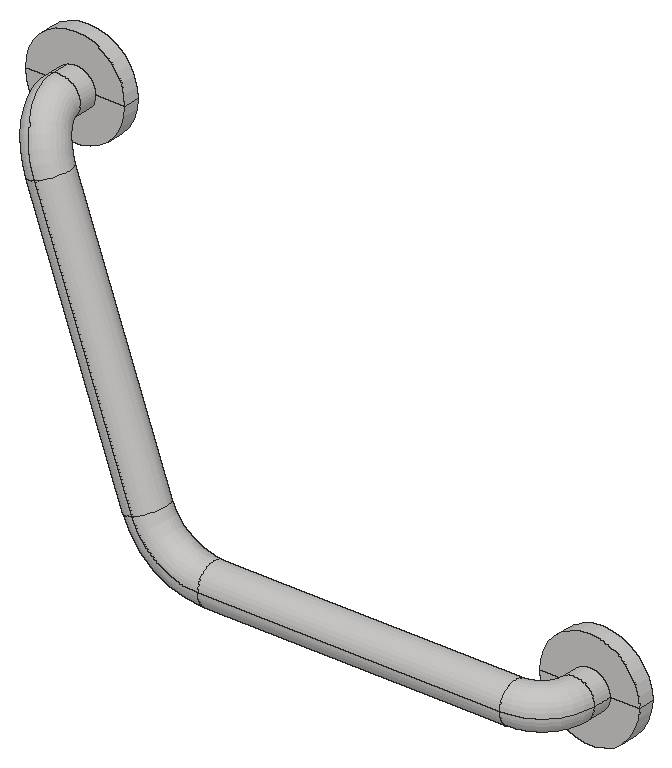
Revit family
Parameters
  Weight Limit = 0
  Warranty Duration (Years) = 0
  Unit Weight = 1.85
  Unit Length = 1' - 4 1/8"
  Unit Height = 0' - 11 1/4"
  URL = "http://www.pontegiulio.com"
  Trim Radius = 0' - 1 5/8"
  Specification = "http://www.arcat.com/sd/clients/pontegiu.html?coid=43483"
  Send Message = "http://www.arcat.com/users.pl?action=UserEmail&company=Ponte%20Giulio&coid=43483&rep=132&fax=877-766-8306&mf="
  Sales Information = "http://www.pontegiulio.it/us/info.php"
  Revision = "R1_01-2010"
  Return Radius = 0' - 2 3/16"
  Product Properties = "http://www.pgdb.it/schede/us/G55JASN115_us.pdf"
  Product Data = "http://www.arcat.com/arcatcos/cos43/arc43483.html"
  Model = "Grab Bar as Specified in 10 28 13"
  Manufacturer's Notes = ""
  Manufacturer Website = "http://www.pontegiulio.com"
  Manufacturer Phone - Toll Free = "877-766-8301 "
  Manufacturer Fax = "877-766-8306"
  Manufacturer Address = "W241 S4021 Rockwood Circle, Waukesha, WI 53189"
  Manufacturer = "Ponte Giulio"
  Maintenance Schedule (Months) = 0
  Keynote = "10 28 13"
  Installation-Fabrication = ""
  Installation Phase = ""
  Green Building-LEED = "http://www.arcat.com/green/clients/leed_data_43483.html"
  Expected Lifespan (Years) = 0
  Drawn By = "Robert S. Weygant, CSI, CDT, SCIP"
  Diameter [instance] = 0' - 1 1/4"
  Description = "Grab Bar as Specified in 10 28 13"
  Default Elevation = 2' - 0"
  Copyright = "2010 ARCAT, Inc"
  Construction Details = ""
  Clear Space From Wall = 0' - 1 1/2"
  Building Codes = ""
  Bath Fixture Material [instance] = Colour - Satin Stainless Steel
  Assembly Code = "C1030200"
  AK_G55JASN114 Middle Support = no
Reference planes (in)
  plane 1 "Center (Front/Back)": y = 0
  plane 2: z = 0
  plane 3 "Center (Left/Right)": x = 0
  plane 4: x = 16.125
  plane 5: y = -1.5
  plane 6 "CL2": z = 24
  plane 7 "CL1": z = 12.75
  plane 8: y = -2.125
  plane 9: through (0.07316, -180, 23.79899) normal (0.9397, 0, 0.342)
Forms (in)
  Revolve 1, solid, material "Colour - Satin Stainless Steel" <- "Bath Fixture Material"
    sketch origin (0, 0, 24) x (1, 0, 0) y (0, 1, 0)
      loop
        line (0, 0) -> (0, -0.5) -> (1.5625, -0.5) -> (1.5625, 0) -> (0, 0)
      axis (0, -0.5) -> (0, 0)
    angle from 0 to 360
  Revolve 2, solid, material "Colour - Satin Stainless Steel" <- "Bath Fixture Material"
    sketch origin (48, 0, 12.75) x (1, 0, 0) y (0, 1, 0)
      loop
        line (-31.875, 0) -> (-31.875, -0.5) -> (-30.3125, -0.5) -> (-30.3125, 0) -> (-31.875, 0)
      axis (-31.875, -0.5) -> (-31.875, 0)
    angle from 0 to 360
  Sweep 3, solid, material "Colour - Satin Stainless Steel" <- "Bath Fixture Material"
    path in 3D
      loop
        line (16.125, 0, 12.75) -> (16.125, -1.09375, 12.75)
        arc (16.125, -1.09375, 12.75) -> (15.82295, -1.82295, 12.75) -> (15.09375, -2.125, 12.75) r 1.03125
        line (15.09375, -2.125, 12.75) -> (5.62637, -2.125, 12.75)
        arc (5.62637, -2.125, 12.75) -> (4.37167, -2.125, 13.1456) -> (3.57079, -2.125, 14.18933) r 2.1875
        line (3.57079, -2.125, 14.18933) -> (0.52904, -2.125, 22.54649)
        spline (0.52904, -2.125, 22.54649) -> (0.45998, -2.11618, 22.73621) -> (0.39211, -2.08986, 22.92268) -> (0.32658, -2.0465, 23.10272) -> (0.26452, -1.98684, 23.27324) -> (0.20698, -1.9119, 23.43133) -> (0.15495, -1.82295, 23.57428) -> (0.10932, -1.72154, 23.69964) -> (0.07088, -1.60938, 23.80527) -> (0.04027, -1.48839, 23.88936) -> (0.01803, -1.36066, 23.95047) -> (0.00453, -1.22836, 23.98756) -> (0, -1.09375, 24)
        line (0, -1.09375, 24) -> (0, 0, 24)
    profile origin (16.125, -0.54687, 12.75) x (1, 0, 0) y (0, 0, 1)
      loop
        circle (0, 0) r 0.625
  Revolve 4, solid, material "Colour - Satin Stainless Steel" <- "Bath Fixture Material", visible <- "AK_G55JASN114 Middle Support"
    sketch origin (4.37167, 0, 13.1456) x (1, 0, 0) y (0, 1, 0)
      loop
        line (0, 0) -> (0, -0.5) -> (1.5625, -0.5) -> (1.5625, 0) -> (0, 0)
      axis (0, -0.5) -> (0, 0)
    angle from 0 to 360
  Extrusion 5, solid, material "Colour - Satin Stainless Steel" <- "Bath Fixture Material", visible <- "AK_G55JASN114 Middle Support"
    sketch origin (0, 0, 0) x (1, 0, 0) y (0, 0, 1)
      loop
        circle (4.37167, 13.1456) r 0.625
    from 0 to 2.125
Lines and regions (in)
  model lines
    curve 1: spline (0, -1.09375, 24) -> (0.00453, -1.22836, 23.98756) -> (0.01803, -1.36066, 23.95047) -> (0.04027, -1.48839, 23.88936) -> (0.07088, -1.60938, 23.80527) -> (0.10932, -1.72154, 23.69964) -> (0.15495, -1.82295, 23.57428) -> (0.20698, -1.9119, 23.43133) -> (0.26452, -1.98684, 23.27324) -> (0.32658, -2.0465, 23.10272) -> (0.39211, -2.08986, 22.92268) -> (0.45998, -2.11618, 22.73621) -> (0.52904, -2.125, 22.54649)
    curve 2: line (0.52904, -2.125, 22.54649) -> (3.57079, -2.125, 14.18933)
    curve 3: line (5.62637, -2.125, 12.75) -> (15.09375, -2.125, 12.75)
    curve 4: arc (16.125, -1.09375, 12.75) -> (15.82295, -1.82295, 12.75) -> (15.09375, -2.125, 12.75) r 1.03125
    curve 5: line (16.125, 0, 12.75) -> (16.125, -1.09375, 12.75)
    curve 6: arc (3.57079, -2.125, 14.18933) -> (4.37167, -2.125, 13.1456) -> (5.62637, -2.125, 12.75) r 2.1875
    curve 12: line (0, -1.09375, 24) -> (0, 0, 24)
  sketch lines
    curve 7: line (16.125, 0, 12.75) -> (16.125, -1.09375, 12.75)
    curve 8: arc (16.125, -1.09375, 12.75) -> (15.82295, -1.82295, 12.75) -> (15.09375, -2.125, 12.75) r 1.03125
    curve 9: line (5.62637, -2.125, 12.75) -> (15.09375, -2.125, 12.75)
    curve 10: arc (3.57079, -2.125, 14.18933) -> (4.37167, -2.125, 13.1456) -> (5.62637, -2.125, 12.75) r 2.1875
    curve 11: line (0.52904, -2.125, 22.54649) -> (3.57079, -2.125, 14.18933)
    curve 13: line (0, -1.09375, 24) -> (0, 0, 24)
    curve 14: spline (0, -1.09375, 24) -> (0.00453, -1.22836, 23.98756) -> (0.01803, -1.36066, 23.95047) -> (0.04027, -1.48839, 23.88936) -> (0.07088, -1.60938, 23.80527) -> (0.10932, -1.72154, 23.69964) -> (0.15495, -1.82295, 23.57428) -> (0.20698, -1.9119, 23.43133) -> (0.26452, -1.98684, 23.27324) -> (0.32658, -2.0465, 23.10272) -> (0.39211, -2.08986, 22.92268) -> (0.45998, -2.11618, 22.73621) -> (0.52904, -2.125, 22.54649)
Dimensions and locks (in)
  "Unit Length": plane 3 "Center (Left/Right)" to plane 4
  Revolve 1 sketch curve to Revolve 1 sketch curve = 0' - 0 1/2"
  "Clear Space From Wall": plane 5 to plane 1 "Center (Front/Back)"
  locked: Revolve 2 sketch curve to Revolve 2 sketch curve at 0.5
  "Unit Length": plane 4 to plane 3 "Center (Left/Right)"
  locked: plane 5 to plane 8 at 0.625
  "Unit Height": plane 6 "CL2" to plane 7 "CL1"
  Revolve 4 sketch curve to Revolve 4 sketch curve = 0' - 0 1/2"
  locked: plane 7 "CL1" to plane 9 (angle 110.00°)
  aligned and locked: plane 1 "Center (Front/Back)" to Revolve 1 sketch curve
  aligned and locked: Revolve 1 sketch curve to plane 3 "Center (Left/Right)"
  aligned and locked: plane 6 "CL2" to Revolve 1
  aligned and locked: Revolve 2 sketch curve to plane 4
  aligned and locked: plane 1 "Center (Front/Back)" to Revolve 2 sketch curve
  aligned and locked: plane 7 "CL1" to curve 3
  aligned and locked: plane 7 "CL1" to Revolve 2
  aligned and locked: curve 9 to plane 8
  aligned and locked: Extrusion 5 to plane 1 "Center (Front/Back)"
  aligned and locked: Extrusion 5 to plane 8
Automatic sketch dimensions
  Revolve 1 sketch curve to plane 3 "Center (Left/Right)" = 0' - 0"
  plane 3 "Center (Left/Right)" to Revolve 1 sketch curve = 0' - 1 9/16"
  Revolve 1 sketch curve to plane 8 = 8' - 4.46882"
  Revolve 1 sketch curve to Revolve 1 sketch curve = 2' - 0"
  Revolve 2 sketch curve to plane 4 = 0' - 0"
  Revolve 2 sketch curve to Revolve 2 sketch curve = 0' - 1 9/16"
  Revolve 2 sketch curve to plane 8 = 8' - 4.46882"
  Revolve 2 sketch curve to plane 1 "Center (Front/Back)" = 2' - 0"
  curve 2 to plane 8 = 0' - 0"
  curve 2 to curve 1 = 0' - 8.8935"
  plane 5 to curve 1 = 0' - 0 13/32"
  curve 1 to curve 1 = 0' - 1.5468"
  curve 5 to plane 1 "Center (Front/Back)" = 0' - 0"
  curve 4 to plane 4 = 0' - 0"
  curve 4 to plane 8 = 0' - 0"
  plane 5 to curve 4 = 0' - 0 13/32"
  plane 3 "Center (Left/Right)" to curve 3 = 0' - 5.62637"
  curve 6 to plane 7 "CL1" = 0' - 0"
  curve 6 to plane 9 = 0' - 0"
  plane 3 "Center (Left/Right)" to curve 6 = 0' - 5.62637"
  curve 6 to plane 7 "CL1" = 0' - 1.43933"
  Sweep 3 sketch curve to Sweep 3 sketch curve = 0' - 0"  (x2)
  Sweep 3 sketch curve to profile plane = 0' - 0"  (x2)
  profile plane to Sweep 3 sketch curve = 0' - 0 5/8"
  curve 12 to plane 1 "Center (Front/Back)" = 0' - 0"
  curve 12 to plane 3 "Center (Left/Right)" = 0' - 0"
  plane 5 to curve 12 = 0' - 0 13/32"
  Revolve 4 sketch curve to plane 1 "Center (Front/Back)" = 0' - 0"
  plane 3 "Center (Left/Right)" to Revolve 4 sketch curve = 0' - 4.37167"  (x2)
  Revolve 4 sketch curve to Revolve 4 sketch curve = 0' - 1 9/16"
  Revolve 4 sketch curve to plane 8 = 8' - 4.46882"
  Revolve 4 sketch curve to Revolve 4 sketch curve = 2' - 0"
  Extrusion 5 sketch curve to plane 7 "CL1" = 0' - 0.3956"
  plane 3 "Center (Left/Right)" to Extrusion 5 sketch curve = 0' - 4.37167"
  radius of Extrusion 5 sketch curve = 0' - 0 5/8"
